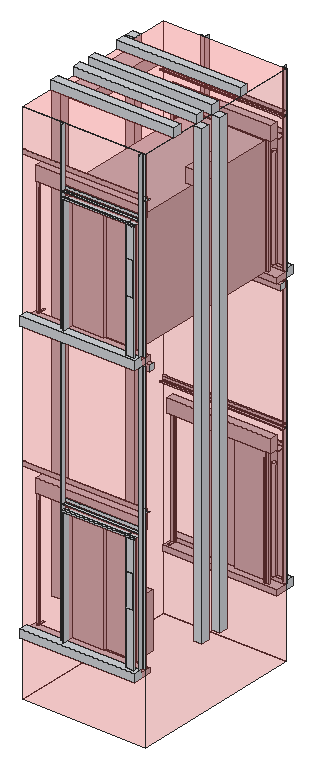
Revit family "TSF750-2S-2方向", category 一般モデル, Revit 2018
Family settings
  鉄筋をホスト可能 = いいえ
  丸型コネクタ寸法 = 直径を使用
  パーツ タイプ = 標準
  作業面ベース = いいえ
  常に垂直 = はい
  ロード時にボイドで切り取り = いいえ
  共有 = いいえ
  部屋計算ポイント = いいえ
Parameters
  昇降行程 = 5000 mm
Reference planes
  plane 1 "レール芯": y = 0
  plane 2 "最下階FL": z = 0
  plane 3 "かご芯": x = 0
  plane 4: z = 5000
  plane 5 "ピット底面": z = -1250
  plane 6: z = 8250
  plane 7: z = 2500
Forms (mm)
  Extrusion 1, solid
    sketch origin (-115, 140, 0) x (1, 0, 0) y (0, 1, 0)
      loop
        line (-1170, 1665) -> (-1170, -1485) -> (1030, -1485) -> (1030, 1665) -> (-1170, 1665)
    from -1250 to 8250
  Extrusion 2, solid
    sketch origin (-188.849, -187.656, 5000) x (1, 0, 0) y (0, 1, 0)
      loop
        line (-491.151, 1792.656) -> (-491.151, -917.344) -> (868.849, -917.344) -> (868.849, 1792.656) -> (-491.151, 1792.656)
    from 0 to 2100
  Extrusion 3, solid
    sketch origin (0.884, -1, 0) x (1, 0, 0) y (0, 1, 0)
      loop
        line (-1050.884, 890.997) -> (-1050.884, 260.997) -> (-753.884, 260.997) -> (-753.884, 890.997) -> (-1050.884, 890.997)
    from -1250 to -272.5
  Extrusion 4, solid
    sketch origin (-180.164, -13.256, 0) x (1, 0, 0) y (0, 1, 0)
      loop
        line (1095.164, 288.256) -> (1095.164, 138.256) -> (1245.164, 138.256) -> (1245.164, 288.256) -> (1095.164, 288.256)
    from 0 to 8250
  Extrusion 5, solid
    sketch origin (-180.164, -413.256, 0) x (1, 0, 0) y (0, 1, 0)
      loop
        line (1095.164, 288.256) -> (1095.164, 138.256) -> (1245.164, 138.256) -> (1245.164, 288.256) -> (1095.164, 288.256)
    from 0 to 8250
  Extrusion 6, solid
    sketch origin (593.997, 818.69, 0) x (1, 0, 0) y (0, 1, 0)
      loop
        line (-2028.997, 481.31) -> (-2028.997, 331.31) -> (-1878.997, 331.31) -> (-1878.997, 481.31) -> (-2028.997, 481.31)
    from 0 to 8250
  Extrusion 7, solid
    sketch origin (593.997, -831.31, 0) x (1, 0, 0) y (0, 1, 0)
      loop
        line (-2028.997, 481.31) -> (-2028.997, 331.31) -> (-1878.997, 331.31) -> (-1878.997, 481.31) -> (-2028.997, 481.31)
    from 0 to 8250
  Extrusion 8, solid
    sketch origin (846.148, -529, 7950) x (1, 0, 0) y (0, 1, 0)
      loop
        line (-2111.148, 1758) -> (-2111.148, 200) -> (-1738.648, 200) -> (-1738.648, 1758) -> (-2111.148, 1758)
    from 0 to 200
  Extrusion 9, solid
    sketch origin (-694.764, 1375.017, 7235) x (1, 0, 0) y (0, 1, 0)
      loop
        line (1413.764, -985.017) -> (1413.764, -1575.017) -> (1593.764, -1575.017) -> (1593.764, -985.017) -> (1413.764, -985.017)
    from 0 to 250
  Extrusion 10, solid
    sketch origin (0, -154.792, -183.066) x (0, 1, 0) y (0, 0, 1)
      loop
        line (279.792, 8583.066) -> (279.792, 8433.066) -> (429.792, 8433.066) -> (429.792, 8583.066) -> (279.792, 8583.066)
    from -1285 to 915
  Extrusion 11, solid
    sketch origin (0, -494.792, -183.066) x (0, 1, 0) y (0, 0, 1)
      loop
        line (279.792, 8583.066) -> (279.792, 8433.066) -> (429.792, 8433.066) -> (429.792, 8583.066) -> (279.792, 8583.066)
    from -1285 to 915
  Extrusion 12, solid
    sketch origin (0, -994.792, -183.066) x (0, 1, 0) y (0, 0, 1)
      loop
        line (279.792, 8583.066) -> (279.792, 8433.066) -> (429.792, 8433.066) -> (429.792, 8583.066) -> (279.792, 8583.066)
    from -1285 to 915
  Extrusion 13, solid
    sketch origin (0, 485.208, -183.066) x (0, 1, 0) y (0, 0, 1)
      loop
        line (279.792, 8583.066) -> (279.792, 8433.066) -> (429.792, 8433.066) -> (429.792, 8583.066) -> (279.792, 8583.066)
    from -1285 to 915
  Extrusion 14, solid
    sketch origin (0, -487.235, 116.596) x (0, 1, 0) y (0, 0, 1)
      loop
        line (-777.765, 4733.404) -> (-777.765, 4633.404) -> (-677.765, 4633.404) -> (-677.765, 4733.404) -> (-777.765, 4733.404)
    from -1285 to 915
  Extrusion 15, solid
    sketch origin (122.648, -167.415, 0) x (-1, 0, 0) y (0, -1, 0)
      loop
        line (-717.352, 1171.585) -> (-717.352, 1246.585) -> (-719.352, 1246.585)
        arc (-719.352, 1246.585) -> (-722.181, 1245.414) -> (-723.352, 1242.585) r 4
        line (-723.352, 1242.585) -> (-723.352, 1186.085)
        arc (-723.352, 1186.085) -> (-725.842, 1180.075) -> (-731.852, 1177.585) r 8.5
        line (-731.852, 1177.585) -> (-788.352, 1177.585)
        arc (-788.352, 1177.585) -> (-791.181, 1176.414) -> (-792.352, 1173.585) r 4
        line (-792.352, 1173.585) -> (-792.352, 1171.585) -> (-717.352, 1171.585)
    from 0 to 4850
  Extrusion 16, solid
    sketch origin (177.352, -167.415, 0) x (1, 0, 0) y (0, 1, 0)
      loop
        line (-717.352, -1171.585) -> (-792.352, -1171.585) -> (-792.352, -1173.585)
        arc (-792.352, -1173.585) -> (-791.181, -1176.414) -> (-788.352, -1177.585) r 4
        line (-788.352, -1177.585) -> (-731.852, -1177.585)
        arc (-731.852, -1177.585) -> (-725.842, -1180.075) -> (-723.352, -1186.085) r 8.5
        line (-723.352, -1186.085) -> (-723.352, -1242.585)
        arc (-723.352, -1242.585) -> (-722.181, -1245.414) -> (-719.352, -1246.585) r 4
        line (-719.352, -1246.585) -> (-717.352, -1246.585) -> (-717.352, -1171.585)
    from 0 to 4850
  Extrusion 17, solid
    sketch origin (122.648, -167.415, 5000) x (-1, 0, 0) y (0, -1, 0)
      loop
        line (-717.352, 1171.585) -> (-717.352, 1246.585) -> (-719.352, 1246.585)
        arc (-719.352, 1246.585) -> (-722.181, 1245.414) -> (-723.352, 1242.585) r 4
        line (-723.352, 1242.585) -> (-723.352, 1186.085)
        arc (-723.352, 1186.085) -> (-725.842, 1180.075) -> (-731.852, 1177.585) r 8.5
        line (-731.852, 1177.585) -> (-788.352, 1177.585)
        arc (-788.352, 1177.585) -> (-791.181, 1176.414) -> (-792.352, 1173.585) r 4
        line (-792.352, 1173.585) -> (-792.352, 1171.585) -> (-717.352, 1171.585)
    from 0 to 3250
  Extrusion 18, solid
    sketch origin (177.352, -167.415, 5000) x (1, 0, 0) y (0, 1, 0)
      loop
        line (-717.352, -1171.585) -> (-792.352, -1171.585) -> (-792.352, -1173.585)
        arc (-792.352, -1173.585) -> (-791.181, -1176.414) -> (-788.352, -1177.585) r 4
        line (-788.352, -1177.585) -> (-731.852, -1177.585)
        arc (-731.852, -1177.585) -> (-725.842, -1180.075) -> (-723.352, -1186.085) r 8.5
        line (-723.352, -1186.085) -> (-723.352, -1242.585)
        arc (-723.352, -1242.585) -> (-722.181, -1245.414) -> (-719.352, -1246.585) r 4
        line (-719.352, -1246.585) -> (-717.352, -1246.585) -> (-717.352, -1171.585)
    from 0 to 3250
  Extrusion 19, solid
    sketch origin (0, -3511.272, 935.614) x (0, 0, -1) y (0, 1, 0)
      loop
        line (-1244.386, 2172.272) -> (-1319.386, 2172.272) -> (-1319.386, 2170.272)
        arc (-1319.386, 2170.272) -> (-1318.214, 2167.444) -> (-1315.386, 2166.272) r 4
        line (-1315.386, 2166.272) -> (-1258.886, 2166.272)
        arc (-1258.886, 2166.272) -> (-1252.875, 2163.782) -> (-1250.386, 2157.772) r 8.5
        line (-1250.386, 2157.772) -> (-1250.386, 2101.272)
        arc (-1250.386, 2101.272) -> (-1249.214, 2098.444) -> (-1246.386, 2097.272) r 4
        line (-1246.386, 2097.272) -> (-1244.386, 2097.272) -> (-1244.386, 2172.272)
    from -540 to 840
  Extrusion 20, solid
    sketch origin (0, -3511.272, 5935.614) x (0, 0, -1) y (0, 1, 0)
      loop
        line (-1244.386, 2172.272) -> (-1319.386, 2172.272) -> (-1319.386, 2170.272)
        arc (-1319.386, 2170.272) -> (-1318.214, 2167.444) -> (-1315.386, 2166.272) r 4
        line (-1315.386, 2166.272) -> (-1258.886, 2166.272)
        arc (-1258.886, 2166.272) -> (-1252.875, 2163.782) -> (-1250.386, 2157.772) r 8.5
        line (-1250.386, 2157.772) -> (-1250.386, 2101.272)
        arc (-1250.386, 2101.272) -> (-1249.214, 2098.444) -> (-1246.386, 2097.272) r 4
        line (-1246.386, 2097.272) -> (-1244.386, 2097.272) -> (-1244.386, 2172.272)
    from -540 to 840
  Extrusion 21, solid
    sketch origin (0, 833.272, 6255.614) x (0, 0, -1) y (0, 1, 0)
      loop
        line (-1244.386, -2172.272) -> (-1244.386, -2097.272) -> (-1246.386, -2097.272)
        arc (-1246.386, -2097.272) -> (-1249.214, -2098.444) -> (-1250.386, -2101.272) r 4
        line (-1250.386, -2101.272) -> (-1250.386, -2157.772)
        arc (-1250.386, -2157.772) -> (-1252.875, -2163.782) -> (-1258.886, -2166.272) r 8.5
        line (-1258.886, -2166.272) -> (-1315.386, -2166.272)
        arc (-1315.386, -2166.272) -> (-1318.214, -2167.444) -> (-1319.386, -2170.272) r 4
        line (-1319.386, -2170.272) -> (-1319.386, -2172.272) -> (-1244.386, -2172.272)
    from -1285 to 915
  Extrusion 22, solid
    sketch origin (0, 833.272, 1255.614) x (0, 0, -1) y (0, 1, 0)
      loop
        line (-1244.386, -2172.272) -> (-1244.386, -2097.272) -> (-1246.386, -2097.272)
        arc (-1246.386, -2097.272) -> (-1249.214, -2098.444) -> (-1250.386, -2101.272) r 4
        line (-1250.386, -2101.272) -> (-1250.386, -2157.772)
        arc (-1250.386, -2157.772) -> (-1252.875, -2163.782) -> (-1258.886, -2166.272) r 8.5
        line (-1258.886, -2166.272) -> (-1315.386, -2166.272)
        arc (-1315.386, -2166.272) -> (-1318.214, -2167.444) -> (-1319.386, -2170.272) r 4
        line (-1319.386, -2170.272) -> (-1319.386, -2172.272) -> (-1244.386, -2172.272)
    from -1285 to 915
  Extrusion 23, solid
    sketch origin (0, 3971.272, 935.614) x (0, 0, -1) y (0, 1, 0)
      loop
        line (-1244.386, -2172.272) -> (-1244.386, -2097.272) -> (-1246.386, -2097.272)
        arc (-1246.386, -2097.272) -> (-1249.214, -2098.444) -> (-1250.386, -2101.272) r 4
        line (-1250.386, -2101.272) -> (-1250.386, -2157.772)
        arc (-1250.386, -2157.772) -> (-1252.875, -2163.782) -> (-1258.886, -2166.272) r 8.5
        line (-1258.886, -2166.272) -> (-1315.386, -2166.272)
        arc (-1315.386, -2166.272) -> (-1318.214, -2167.444) -> (-1319.386, -2170.272) r 4
        line (-1319.386, -2170.272) -> (-1319.386, -2172.272) -> (-1244.386, -2172.272)
    from -540 to 840
  Extrusion 24, solid
    sketch origin (0, -373.272, 1255.614) x (0, 0, -1) y (0, 1, 0)
      loop
        line (-1244.386, 2172.272) -> (-1319.386, 2172.272) -> (-1319.386, 2170.272)
        arc (-1319.386, 2170.272) -> (-1318.214, 2167.444) -> (-1315.386, 2166.272) r 4
        line (-1315.386, 2166.272) -> (-1258.886, 2166.272)
        arc (-1258.886, 2166.272) -> (-1252.875, 2163.782) -> (-1250.386, 2157.772) r 8.5
        line (-1250.386, 2157.772) -> (-1250.386, 2101.272)
        arc (-1250.386, 2101.272) -> (-1249.214, 2098.444) -> (-1246.386, 2097.272) r 4
        line (-1246.386, 2097.272) -> (-1244.386, 2097.272) -> (-1244.386, 2172.272)
    from -1285 to 915
  Extrusion 25, solid
    sketch origin (122.648, 627.415, 0) x (-1, 0, 0) y (0, -1, 0)
      loop
        line (-717.352, -1171.585) -> (-792.352, -1171.585) -> (-792.352, -1173.585)
        arc (-792.352, -1173.585) -> (-791.181, -1176.414) -> (-788.352, -1177.585) r 4
        line (-788.352, -1177.585) -> (-731.852, -1177.585)
        arc (-731.852, -1177.585) -> (-725.842, -1180.075) -> (-723.352, -1186.085) r 8.5
        line (-723.352, -1186.085) -> (-723.352, -1242.585)
        arc (-723.352, -1242.585) -> (-722.181, -1245.414) -> (-719.352, -1246.585) r 4
        line (-719.352, -1246.585) -> (-717.352, -1246.585) -> (-717.352, -1171.585)
    from 0 to 4850
  Extrusion 26, solid
    sketch origin (177.352, 627.415, 0) x (1, 0, 0) y (0, 1, 0)
      loop
        line (-717.352, 1171.585) -> (-717.352, 1246.585) -> (-719.352, 1246.585)
        arc (-719.352, 1246.585) -> (-722.181, 1245.414) -> (-723.352, 1242.585) r 4
        line (-723.352, 1242.585) -> (-723.352, 1186.085)
        arc (-723.352, 1186.085) -> (-725.842, 1180.075) -> (-731.852, 1177.585) r 8.5
        line (-731.852, 1177.585) -> (-788.352, 1177.585)
        arc (-788.352, 1177.585) -> (-791.181, 1176.414) -> (-792.352, 1173.585) r 4
        line (-792.352, 1173.585) -> (-792.352, 1171.585) -> (-717.352, 1171.585)
    from 0 to 4850
  Extrusion 27, solid
    sketch origin (0, 987.235, 116.596) x (0, -1, 0) y (0, 0, -1)
      loop
        line (-777.765, -4733.404) -> (-677.765, -4733.404) -> (-677.765, -4633.404) -> (-777.765, -4633.404) -> (-777.765, -4733.404)
    from -1285 to 915
  Extrusion 28, solid
    sketch origin (0, 3971.272, 5935.614) x (0, 0, -1) y (0, 1, 0)
      loop
        line (-1244.386, -2172.272) -> (-1244.386, -2097.272) -> (-1246.386, -2097.272)
        arc (-1246.386, -2097.272) -> (-1249.214, -2098.444) -> (-1250.386, -2101.272) r 4
        line (-1250.386, -2101.272) -> (-1250.386, -2157.772)
        arc (-1250.386, -2157.772) -> (-1252.875, -2163.782) -> (-1258.886, -2166.272) r 8.5
        line (-1258.886, -2166.272) -> (-1315.386, -2166.272)
        arc (-1315.386, -2166.272) -> (-1318.214, -2167.444) -> (-1319.386, -2170.272) r 4
        line (-1319.386, -2170.272) -> (-1319.386, -2172.272) -> (-1244.386, -2172.272)
    from -540 to 840
  Extrusion 29, solid
    sketch origin (0, -373.272, 6255.614) x (0, 0, -1) y (0, 1, 0)
      loop
        line (-1244.386, 2172.272) -> (-1319.386, 2172.272) -> (-1319.386, 2170.272)
        arc (-1319.386, 2170.272) -> (-1318.214, 2167.444) -> (-1315.386, 2166.272) r 4
        line (-1315.386, 2166.272) -> (-1258.886, 2166.272)
        arc (-1258.886, 2166.272) -> (-1252.875, 2163.782) -> (-1250.386, 2157.772) r 8.5
        line (-1250.386, 2157.772) -> (-1250.386, 2101.272)
        arc (-1250.386, 2101.272) -> (-1249.214, 2098.444) -> (-1246.386, 2097.272) r 4
        line (-1246.386, 2097.272) -> (-1244.386, 2097.272) -> (-1244.386, 2172.272)
    from -1285 to 915
  Extrusion 30, solid
    sketch origin (122.648, 627.415, 5000) x (-1, 0, 0) y (0, -1, 0)
      loop
        line (-717.352, -1171.585) -> (-792.352, -1171.585) -> (-792.352, -1173.585)
        arc (-792.352, -1173.585) -> (-791.181, -1176.414) -> (-788.352, -1177.585) r 4
        line (-788.352, -1177.585) -> (-731.852, -1177.585)
        arc (-731.852, -1177.585) -> (-725.842, -1180.075) -> (-723.352, -1186.085) r 8.5
        line (-723.352, -1186.085) -> (-723.352, -1242.585)
        arc (-723.352, -1242.585) -> (-722.181, -1245.414) -> (-719.352, -1246.585) r 4
        line (-719.352, -1246.585) -> (-717.352, -1246.585) -> (-717.352, -1171.585)
    from 0 to 3250
  Extrusion 31, solid
    sketch origin (177.352, 627.415, 5000) x (1, 0, 0) y (0, 1, 0)
      loop
        line (-717.352, 1171.585) -> (-717.352, 1246.585) -> (-719.352, 1246.585)
        arc (-719.352, 1246.585) -> (-722.181, 1245.414) -> (-723.352, 1242.585) r 4
        line (-723.352, 1242.585) -> (-723.352, 1186.085)
        arc (-723.352, 1186.085) -> (-725.842, 1180.075) -> (-731.852, 1177.585) r 8.5
        line (-731.852, 1177.585) -> (-788.352, 1177.585)
        arc (-788.352, 1177.585) -> (-791.181, 1176.414) -> (-792.352, 1173.585) r 4
        line (-792.352, 1173.585) -> (-792.352, 1171.585) -> (-717.352, 1171.585)
    from 0 to 3250
Dimensions and locks
  "昇降行程": plane 4 to plane 2 "最下階FL"
  locked: plane 6 to plane 4 at 3250
  locked: Extrusion 2 to plane 4 at 2100
  locked: plane 6 to Extrusion 8 at 100
  locked: Extrusion 8 to Extrusion 8 at 200
  locked: plane 4 to Extrusion 20 at 2180
  locked: Extrusion 20 to Extrusion 21 at 320
  locked: Extrusion 2 to Extrusion 9 at 135
  locked: Extrusion 9 to Extrusion 9 at 250
  locked: plane 2 "最下階FL" to Extrusion 19 at 2180
  locked: plane 4 to Extrusion 15 at 150
  aligned and locked: level to plane 2 "最下階FL"
  aligned and locked: Extrusion 1 to plane 5 "ピット底面"
  aligned and locked: Extrusion 2 to plane 4
  aligned and locked: Extrusion 1 to Extrusion 3
  aligned and locked: Extrusion 5 to plane 2 "最下階FL"
  aligned and locked: Extrusion 4 to plane 2 "最下階FL"
  aligned and locked: Extrusion 1 to Extrusion 5
  aligned and locked: Extrusion 1 to Extrusion 4
  aligned and locked: Extrusion 6 to Extrusion 1
  aligned and locked: Extrusion 7 to Extrusion 1
  aligned and locked: Extrusion 4 to Extrusion 1
  aligned and locked: Extrusion 5 to Extrusion 1
  aligned and locked: Extrusion 6 to plane 2 "最下階FL"
  aligned and locked: Extrusion 7 to plane 2 "最下階FL"
  aligned and locked: Extrusion 1 to Extrusion 6
  aligned and locked: Extrusion 1 to Extrusion 7
  aligned and locked: plane 2 "最下階FL" to nested 1
  aligned and locked: plane 4 to nested 2
  aligned and locked: nested 1 to nested 2
  aligned and locked: Extrusion 10 to Extrusion 1
  aligned and locked: Extrusion 1 to Extrusion 10  (x2)
  aligned and locked: Extrusion 1 to Extrusion 12  (x2)
  aligned and locked: Extrusion 1 to Extrusion 13  (x2)
  aligned and locked: Extrusion 12 to Extrusion 1
  aligned and locked: Extrusion 11 to Extrusion 1
  aligned and locked: Extrusion 13 to Extrusion 1
  aligned and locked: Extrusion 1 to Extrusion 14  (x2)
  aligned and locked: Extrusion 1 to Extrusion 15
  aligned and locked: Extrusion 1 to Extrusion 11  (x2)
  aligned and locked: Extrusion 17 to Extrusion 18
  aligned and locked: Extrusion 18 to plane 4
  aligned and locked: Extrusion 17 to plane 4
  aligned and locked: plane 6 to Extrusion 1
  aligned and locked: plane 6 to Extrusion 17
  aligned and locked: plane 6 to Extrusion 18
  aligned and locked: Extrusion 16 to Extrusion 15
  aligned and locked: Extrusion 26 to Extrusion 25
  aligned and locked: nested 4 to plane 4
  aligned and locked: Extrusion 30 to Extrusion 31
  aligned and locked: Extrusion 30 to plane 4
  aligned and locked: Extrusion 31 to plane 4
  aligned and locked: plane 6 to Extrusion 30
  aligned and locked: plane 6 to Extrusion 31
  aligned and locked: Extrusion 25 to Extrusion 15
Automatic sketch dimensions
  Extrusion 1 sketch curve to plane 3 "かご芯" = 1285 mm
  plane 3 "かご芯" to Extrusion 1 sketch curve = 915 mm
  plane 1 "レール芯" to Extrusion 1 sketch curve = 1345 mm
  Extrusion 1 sketch curve to plane 1 "レール芯" = 1805 mm
  Extrusion 2 sketch curve to plane 3 "かご芯" = 680 mm
  plane 3 "かご芯" to Extrusion 2 sketch curve = 680 mm
  plane 1 "レール芯" to Extrusion 2 sketch curve = 1105 mm
  Extrusion 2 sketch curve to plane 1 "レール芯" = 1605 mm
  Extrusion 3 sketch curve to plane 1 "レール芯" = 259.997 mm
  Extrusion 3 sketch curve to plane 3 "かご芯" = 1050 mm
  Extrusion 3 sketch curve to Extrusion 3 sketch curve = 297 mm
  Extrusion 3 sketch curve to Extrusion 3 sketch curve = 630 mm
  Extrusion 4 sketch curve to plane 1 "レール芯" = 125 mm
  plane 3 "かご芯" to Extrusion 4 sketch curve = 915 mm
  Extrusion 4 sketch curve to Extrusion 4 sketch curve = 150 mm  (x2)
  plane 1 "レール芯" to Extrusion 5 sketch curve = 275 mm
  plane 3 "かご芯" to Extrusion 5 sketch curve = 915 mm
  Extrusion 5 sketch curve to Extrusion 5 sketch curve = 150 mm
  plane 1 "レール芯" to Extrusion 5 sketch curve = 125 mm
  Extrusion 6 sketch curve to plane 3 "かご芯" = 1435 mm
  Extrusion 6 sketch curve to Extrusion 6 sketch curve = 150 mm  (x2)
  Extrusion 6 sketch curve to plane 1 "レール芯" = 1150 mm
  plane 1 "レール芯" to Extrusion 7 sketch curve = 500 mm
  Extrusion 7 sketch curve to plane 3 "かご芯" = 1435 mm
  Extrusion 7 sketch curve to Extrusion 7 sketch curve = 150 mm  (x2)
  plane 1 "レール芯" to Extrusion 8 sketch curve = 329 mm
  Extrusion 8 sketch curve to plane 3 "かご芯" = 1265 mm
  Extrusion 8 sketch curve to Extrusion 8 sketch curve = 372.5 mm
  Extrusion 8 sketch curve to plane 1 "レール芯" = 1229 mm
  plane 1 "レール芯" to Extrusion 9 sketch curve = 200 mm
  plane 3 "かご芯" to Extrusion 9 sketch curve = 719 mm
  Extrusion 9 sketch curve to Extrusion 9 sketch curve = 180 mm
  Extrusion 9 sketch curve to plane 1 "レール芯" = 390 mm
  Extrusion 10 sketch curve to plane 6 = 0 mm
  Extrusion 10 sketch curve to plane 1 "レール芯" = 125 mm
  Extrusion 10 sketch curve to Extrusion 10 sketch curve = 150 mm  (x2)
  Extrusion 11 sketch curve to plane 6 = 0 mm
  plane 1 "レール芯" to Extrusion 11 sketch curve = 215 mm
  plane 1 "レール芯" to Extrusion 11 sketch curve = 65 mm
  Extrusion 11 sketch curve to Extrusion 11 sketch curve = 150 mm
  Extrusion 12 sketch curve to plane 6 = 0 mm
  plane 1 "レール芯" to Extrusion 12 sketch curve = 715 mm
  Extrusion 12 sketch curve to Extrusion 12 sketch curve = 150 mm  (x2)
  Extrusion 13 sketch curve to plane 6 = 0 mm
  Extrusion 13 sketch curve to plane 1 "レール芯" = 765 mm
  Extrusion 13 sketch curve to Extrusion 13 sketch curve = 150 mm  (x2)
  Extrusion 14 sketch curve to plane 4 = 250 mm
  plane 1 "レール芯" to Extrusion 14 sketch curve = 1265 mm
  Extrusion 14 sketch curve to Extrusion 14 sketch curve = 100 mm  (x2)
  Extrusion 15 sketch curve to plane 3 "かご芯" = 915 mm
  Extrusion 15 sketch curve to Extrusion 15 sketch curve = 4 mm  (x2)
  Extrusion 15 sketch curve to Extrusion 15 sketch curve = 56.5 mm  (x2)
  Extrusion 15 sketch curve to Extrusion 15 sketch curve = 8.5 mm
  Extrusion 15 sketch curve to Extrusion 15 sketch curve = 2 mm
  Extrusion 15 sketch curve to plane 1 "レール芯" = 1414 mm
  Extrusion 15 sketch curve to Extrusion 15 sketch curve = 6 mm
  Extrusion 16 sketch curve to plane 3 "かご芯" = 615 mm
  Extrusion 16 sketch curve to Extrusion 16 sketch curve = 4 mm  (x2)
  Extrusion 16 sketch curve to Extrusion 16 sketch curve = 56.5 mm  (x2)
  Extrusion 16 sketch curve to Extrusion 16 sketch curve = 8.5 mm
  Extrusion 16 sketch curve to Extrusion 16 sketch curve = 2 mm
  plane 1 "レール芯" to Extrusion 16 sketch curve = 1414 mm
  Extrusion 16 sketch curve to Extrusion 16 sketch curve = 6 mm
  Extrusion 17 sketch curve to plane 3 "かご芯" = 915 mm
  Extrusion 17 sketch curve to Extrusion 17 sketch curve = 4 mm  (x2)
  Extrusion 17 sketch curve to Extrusion 17 sketch curve = 56.5 mm  (x2)
  Extrusion 17 sketch curve to Extrusion 17 sketch curve = 8.5 mm
  Extrusion 17 sketch curve to Extrusion 17 sketch curve = 2 mm
  Extrusion 17 sketch curve to plane 1 "レール芯" = 1414 mm
  Extrusion 17 sketch curve to Extrusion 17 sketch curve = 6 mm
  Extrusion 18 sketch curve to plane 3 "かご芯" = 615 mm
  Extrusion 18 sketch curve to Extrusion 18 sketch curve = 4 mm  (x2)
  Extrusion 18 sketch curve to Extrusion 18 sketch curve = 56.5 mm  (x2)
  Extrusion 18 sketch curve to Extrusion 18 sketch curve = 8.5 mm
  Extrusion 18 sketch curve to Extrusion 18 sketch curve = 2 mm
  plane 1 "レール芯" to Extrusion 18 sketch curve = 1414 mm
  Extrusion 18 sketch curve to Extrusion 18 sketch curve = 6 mm
  plane 7 to Extrusion 19 sketch curve = 245 mm
  Extrusion 19 sketch curve to Extrusion 19 sketch curve = 4 mm  (x2)
  Extrusion 19 sketch curve to Extrusion 19 sketch curve = 56.5 mm  (x2)
  Extrusion 19 sketch curve to Extrusion 19 sketch curve = 8.5 mm
  Extrusion 19 sketch curve to Extrusion 19 sketch curve = 2 mm
  plane 1 "レール芯" to Extrusion 19 sketch curve = 1414 mm
  Extrusion 19 sketch curve to Extrusion 19 sketch curve = 6 mm
  Extrusion 20 sketch curve to plane 6 = 995 mm
  Extrusion 20 sketch curve to Extrusion 20 sketch curve = 4 mm  (x2)
  Extrusion 20 sketch curve to Extrusion 20 sketch curve = 56.5 mm  (x2)
  Extrusion 20 sketch curve to Extrusion 20 sketch curve = 8.5 mm
  Extrusion 20 sketch curve to Extrusion 20 sketch curve = 2 mm
  plane 1 "レール芯" to Extrusion 20 sketch curve = 1414 mm
  Extrusion 20 sketch curve to Extrusion 20 sketch curve = 14.5 mm
  plane 6 to Extrusion 21 sketch curve = 675 mm
  Extrusion 21 sketch curve to Extrusion 21 sketch curve = 4 mm  (x2)
  Extrusion 21 sketch curve to Extrusion 21 sketch curve = 56.5 mm  (x2)
  Extrusion 21 sketch curve to Extrusion 21 sketch curve = 8.5 mm
  Extrusion 21 sketch curve to Extrusion 21 sketch curve = 2 mm
  Extrusion 21 sketch curve to plane 1 "レール芯" = 1264 mm
  Extrusion 21 sketch curve to Extrusion 21 sketch curve = 6 mm
  Extrusion 22 sketch curve to plane 7 = 0 mm
  Extrusion 22 sketch curve to Extrusion 22 sketch curve = 2 mm
  Extrusion 22 sketch curve to Extrusion 22 sketch curve = 4 mm  (x2)
  Extrusion 22 sketch curve to Extrusion 22 sketch curve = 8.5 mm
  Extrusion 22 sketch curve to Extrusion 22 sketch curve = 56.5 mm  (x2)
  Extrusion 22 sketch curve to plane 1 "レール芯" = 1264 mm
  Extrusion 22 sketch curve to Extrusion 22 sketch curve = 6 mm
  Extrusion 23 sketch curve to plane 7 = 245 mm
  Extrusion 23 sketch curve to Extrusion 23 sketch curve = 4 mm  (x2)
  Extrusion 23 sketch curve to Extrusion 23 sketch curve = 56.5 mm  (x2)
  Extrusion 23 sketch curve to Extrusion 23 sketch curve = 8.5 mm
  Extrusion 23 sketch curve to Extrusion 23 sketch curve = 2 mm
  plane 1 "レール芯" to Extrusion 23 sketch curve = 1874 mm
  Extrusion 23 sketch curve to Extrusion 23 sketch curve = 6 mm
  plane 7 to Extrusion 24 sketch curve = 0 mm
  Extrusion 24 sketch curve to Extrusion 24 sketch curve = 2 mm
  Extrusion 24 sketch curve to Extrusion 24 sketch curve = 4 mm  (x2)
  Extrusion 24 sketch curve to Extrusion 24 sketch curve = 8.5 mm
  Extrusion 24 sketch curve to Extrusion 24 sketch curve = 56.5 mm  (x2)
  Extrusion 24 sketch curve to plane 1 "レール芯" = 1724 mm
  Extrusion 24 sketch curve to Extrusion 24 sketch curve = 6 mm
  plane 3 "かご芯" to Extrusion 25 sketch curve = 915 mm
  Extrusion 25 sketch curve to Extrusion 25 sketch curve = 4 mm  (x2)
  Extrusion 25 sketch curve to Extrusion 25 sketch curve = 56.5 mm  (x2)
  Extrusion 25 sketch curve to Extrusion 25 sketch curve = 8.5 mm
  Extrusion 25 sketch curve to Extrusion 25 sketch curve = 2 mm
  Extrusion 25 sketch curve to plane 1 "レール芯" = 1874 mm
  Extrusion 25 sketch curve to Extrusion 25 sketch curve = 6 mm
  Extrusion 26 sketch curve to plane 3 "かご芯" = 615 mm
  Extrusion 26 sketch curve to Extrusion 26 sketch curve = 4 mm  (x2)
  Extrusion 26 sketch curve to Extrusion 26 sketch curve = 56.5 mm  (x2)
  Extrusion 26 sketch curve to Extrusion 26 sketch curve = 8.5 mm
  Extrusion 26 sketch curve to Extrusion 26 sketch curve = 2 mm  (x2)
  Extrusion 26 sketch curve to plane 1 "レール芯" = 1799 mm
  plane 4 to Extrusion 27 sketch curve = 250 mm
  plane 1 "レール芯" to Extrusion 27 sketch curve = 1765 mm
  Extrusion 27 sketch curve to Extrusion 27 sketch curve = 100 mm  (x2)
  plane 6 to Extrusion 28 sketch curve = 995 mm
  Extrusion 28 sketch curve to Extrusion 28 sketch curve = 4 mm  (x2)
  Extrusion 28 sketch curve to Extrusion 28 sketch curve = 56.5 mm  (x2)
  Extrusion 28 sketch curve to Extrusion 28 sketch curve = 8.5 mm
  Extrusion 28 sketch curve to Extrusion 28 sketch curve = 2 mm
  plane 1 "レール芯" to Extrusion 28 sketch curve = 1874 mm
  Extrusion 28 sketch curve to Extrusion 28 sketch curve = 14.5 mm
  Extrusion 29 sketch curve to plane 6 = 675 mm
  Extrusion 29 sketch curve to Extrusion 29 sketch curve = 4 mm  (x2)
  Extrusion 29 sketch curve to Extrusion 29 sketch curve = 56.5 mm  (x2)
  Extrusion 29 sketch curve to Extrusion 29 sketch curve = 8.5 mm
  Extrusion 29 sketch curve to Extrusion 29 sketch curve = 2 mm
  Extrusion 29 sketch curve to plane 1 "レール芯" = 1724 mm
  Extrusion 29 sketch curve to Extrusion 29 sketch curve = 6 mm
  plane 3 "かご芯" to Extrusion 30 sketch curve = 915 mm
  Extrusion 30 sketch curve to Extrusion 30 sketch curve = 4 mm  (x2)
  Extrusion 30 sketch curve to Extrusion 30 sketch curve = 56.5 mm  (x2)
  Extrusion 30 sketch curve to Extrusion 30 sketch curve = 8.5 mm
  Extrusion 30 sketch curve to Extrusion 30 sketch curve = 2 mm
  Extrusion 30 sketch curve to plane 1 "レール芯" = 1874 mm
  Extrusion 30 sketch curve to Extrusion 30 sketch curve = 6 mm
  Extrusion 31 sketch curve to plane 3 "かご芯" = 615 mm
  Extrusion 31 sketch curve to Extrusion 31 sketch curve = 4 mm  (x2)
  Extrusion 31 sketch curve to Extrusion 31 sketch curve = 56.5 mm  (x2)
  Extrusion 31 sketch curve to Extrusion 31 sketch curve = 8.5 mm
  Extrusion 31 sketch curve to Extrusion 31 sketch curve = 2 mm  (x2)
  Extrusion 31 sketch curve to plane 1 "レール芯" = 1799 mm
Nested families
  nested 1: "2S" at (-50, -1135, 0), type "2S(詳細レベル)"
  nested 2: "2S" at (-50, -1135, 5000), type "2S(詳細レベル)"
  nested 3: "2S(背面)" at (-50, 1635, 0), type "2S 背面(詳細レベル)"
    with 戸袋 635 mm, 出入口幅 1100 mm
  nested 4: "2S(背面)" at (-50, 1635, 5000), type "2S 背面(詳細レベル)"
    with 戸袋 635 mm, 出入口幅 1100 mm
Definition of nested family "2S"
  Parameters (values of type "2S(詳細レベル)")
    戸袋 = 635 mm
    出入口高さ = 2100 mm
    出入口幅 = 1100 mm
  Types (2, lengths in mm): name | 戸袋 | 出入口幅
    2S(詳細レベル) | 635 | 1100
    2S 背面(詳細レベル) | 785 | 1700
  Reference planes
    plane 1 "敷居先端": y = 0
    plane 2 "FL": z = 0
    plane 3: x = 140
    plane 4 "出入口中心": x = 140
    plane 5 "出入口高さ": z = 2100
    plane 6: z = 2320
    plane 7: y = -145.5
    plane 8 "出入口幅右": x = 690
    plane 9 "出入口幅左": x = -410
    plane 10 "戸袋": x = -1045
    plane 11: x = 810
    plane 12: y = -76.6
    plane 13: z = 2173
    plane 14: z = -60
    plane 15: z = -150
    plane 16: x = 710
    plane 17: x = -490
    plane 18: x = 890
  Forms (mm)
    Extrusion 1, solid
      sketch origin (140, 0, 0) x (0, 1, 0) y (0, 0, 1)
        loop
          line (-102, 2116) -> (-134, 2116) -> (-134, 6) -> (-102, 6) -> (-102, 2116)
      from -570 to 15
    Extrusion 2, solid
      sketch origin (705, 38, 0) x (0, 1, 0) y (0, 0, 1)
        loop
          line (-102, 2116) -> (-134, 2116) -> (-134, 6) -> (-102, 6) -> (-102, 2116)
      from -580 to 5
    Extrusion 3, solid
      sketch origin (140, 0, -16) x (0, 1, 0) y (0, 0, 1)
        loop
          line (-145.5, 2366) -> (-145.5, 2116) -> (0, 2116) -> (0, 2366) -> (-145.5, 2366)
      from -1185 to 670
    Extrusion 4, solid
      sketch origin (0, 0, 130) x (1, 0, 0) y (0, 1, 0)
        loop
          circle (810, -76.6) r 35
      from 0 to 1800
    Extrusion 5, solid
      sketch origin (0, 0, 0) x (1, 0, 0) y (0, 1, 0)
        loop
          line (-440, -140) -> (-440, -141.6) -> (-411.6, -141.6) -> (-411.6, -318.4) -> (-438.4, -318.4) -> (-438.4, -290) -> (-440, -290) -> (-440, -320) -> (-410, -320) -> (-410, -140) -> (-440, -140)
      from 0 to 2100
    Extrusion 6, solid
      sketch origin (0, 0, 0) x (1, 0, 0) y (0, 1, 0)
        loop
          line (770, -30) -> (770, 0) -> (720, 0) -> (720, -102) -> (690, -102) -> (690, -320) -> (840, -320) -> (840, -290) -> (838.4, -290) -> (838.4, -318.4) -> (691.6, -318.4) -> (691.6, -103.6) -> (721.6, -103.6) -> (721.6, -1.6) -> (768.4, -1.6) -> (768.4, -30) -> (770, -30)
      from 0 to 2100
    Extrusion 7, solid
      sketch origin (140, 0, 0) x (0, 1, 0) y (0, 0, 1)
        loop
          line (-295, 2130) -> (-325, 2130) -> (-325, 2100) -> (-140, 2100) -> (-140, 2101.6) -> (-323.4, 2101.6) -> (-323.4, 2128.4) -> (-295, 2128.4) -> (-295, 2130)
      from -580 to 700
    Extrusion 8, solid
      sketch origin (140, 0, 1400) x (0, 1, 0) y (0, 0, 1)
        loop
          line (-64, -1394) -> (-0.972, -1394) -> (-0.972, 586) -> (-64, 586) -> (-64, -1394)
      from 545 to 570
    Extrusion 9, solid
      sketch origin (0, 0, 0) x (1, 0, 0) y (0, 1, 0)
        loop
          arc (-1032.5, -132.5) -> (-1037.096, -130.596) -> (-1039, -126) r 6.5
          line (-1039, -126) -> (-1039, -93)
          arc (-1039, -93) -> (-1040.318, -89.818) -> (-1043.5, -88.5) r 4.5
          line (-1043.5, -88.5) -> (-1045, -88.5) -> (-1045, -138.5) -> (-995, -138.5) -> (-995, -137)
          arc (-995, -137) -> (-996.318, -133.818) -> (-999.5, -132.5) r 4.5
          line (-999.5, -132.5) -> (-1032.5, -132.5)
      from 3 to 2100
    Extrusion 10, solid
      sketch origin (-1.904, 52.096, 0) x (1, 0, 0) y (0, 1, 0)
        loop
          line (-1037.096, -190.596) -> (-999.096, -190.596) -> (-999.096, -65.596) -> (-1037.096, -65.596) -> (-1037.096, -190.596)
      from 0 to 3
    Extrusion 11, solid
      sketch origin (140, 6.458, 0) x (0, 1, 0) y (0, 0, 1)
        loop
          line (-386.458, 0) -> (-386.458, -150) -> (-36.458, -150) -> (-36.458, 0) -> (-386.458, 0)
      from -1287.782 to 758.966
    Extrusion 12, void
      sketch origin (0, 0, 0) x (0, 1, 0) y (0, 0, 1)
        loop
          line (-230, 0) -> (-230, -60) -> (-30, -60) -> (-30, 0) -> (-230, 0)
      from -1147.782 to 898.966
    Extrusion 13, solid, detail levels coarse+medium
      sketch origin (0, 0, -20.5) x (1, 0, 0) y (0, 1, 0)
        loop
          line (-1045, 0) -> (-1045, -150) -> (710, -150) -> (710, 0) -> (-1045, 0)
      from 0 to 20.5
    Extrusion 14, solid
      sketch origin (10, 17, 962.5) x (1, 0, 0) y (0, 1, 0)
        loop
          line (690, -337) -> (690, -340) -> (820, -340) -> (820, -337) -> (690, -337)
      from 0 to 590
  Cuts and joins
    Extrusion 12 cuts Extrusion 11
  Lines and regions (mm)
    symbolic lines
      curve 1: line (140, -320, 2100) -> (140, -320, 0)
      curve 2: line (140, 0, 0) -> (140, -180, 0)
      curve 3: line (140, -140, 2100) -> (140, -140, 0)
      curve 4: line (-440, -320, 0) -> (-440, -290, 0)
      curve 5: line (-410, -320, 0) -> (-440, -320, 0)
      curve 6: line (-410, -140, 0) -> (-410, -320, 0)
      curve 7: line (-440, -140, 0) -> (-410, -140, 0)
      curve 14: line (770, 0, 0) -> (770, -30, 0)
      curve 15: line (720, 0, 0) -> (770, 0, 0)
      curve 16: line (720, -102, 0) -> (720, 0, 0)
      curve 17: line (690, -102, 0) -> (720, -102, 0)
      curve 18: line (690, -320, 0) -> (690, -102, 0)
      curve 19: line (840, -320, 0) -> (690, -320, 0)
      curve 20: line (840, -290, 0) -> (840, -320, 0)
      curve 29: line (140, -295, 2130) -> (140, -325, 2130)
      curve 30: line (140, -325, 2130) -> (140, -325, 2100)
      curve 31: line (140, -325, 2100) -> (140, -140, 2100)
      curve 37: line (140, -320, 0) -> (140, -140, 0)
    symbolic lines, detail levels coarse+fine
      curve 8: line (-438.4, -290, 0) -> (-440, -290, 0)
      curve 9: line (-438.4, -318.4, 0) -> (-438.4, -290, 0)
      curve 10: line (-411.6, -318.4, 0) -> (-438.4, -318.4, 0)
      curve 11: line (-411.6, -141.6, 0) -> (-411.6, -318.4, 0)
      curve 12: line (-440, -141.6, 0) -> (-411.6, -141.6, 0)
      curve 13: line (-440, -140, 0) -> (-440, -141.6, 0)
      curve 21: line (768.4, -30, 0) -> (770, -30, 0)
      curve 22: line (768.4, -1.6, 0) -> (768.4, -30, 0)
      curve 23: line (721.6, -1.6, 0) -> (768.4, -1.6, 0)
      curve 24: line (721.6, -103.6, 0) -> (721.6, -1.6, 0)
      curve 25: line (691.6, -318.4, 0) -> (691.6, -103.6, 0)
      curve 26: line (838.4, -318.4, 0) -> (691.6, -318.4, 0)
      curve 27: line (838.4, -290, 0) -> (838.4, -318.4, 0)
      curve 28: line (840, -290, 0) -> (838.4, -290, 0)
      curve 32: line (140, -295, 2130) -> (140, -295, 2128.4)
      curve 33: line (140, -295, 2128.4) -> (140, -323.4, 2128.4)
      curve 34: line (140, -323.4, 2128.4) -> (140, -323.4, 2101.6)
      curve 35: line (140, -323.4, 2101.6) -> (140, -140, 2101.6)
      curve 36: line (140, -140, 2101.6) -> (140, -140, 2100)
      curve 38: line (691.6, -103.6, 0) -> (721.6, -103.6, 0)
  Dimensions and locks
    "出入口高さ": plane 5 "出入口高さ" to level
    "出入口幅": plane 8 "出入口幅右" to plane 9 "出入口幅左"
    level to plane 14 = 60 mm
    equal spacing: plane 8 "出入口幅右", plane 4 "出入口中心", plane 9 "出入口幅左"
    locked: plane 8 "出入口幅右" to Extrusion 6 at 150
    "戸袋": plane 10 "戸袋" to plane 9 "出入口幅左"
    locked: plane 11 to plane 8 "出入口幅右" at 120
    locked: plane 8 "出入口幅右" to plane 16 at 20
    locked: Extrusion 1 to plane 9 "出入口幅左" at 20
    locked: cut or joined group of Extrusion 11, Extrusion 12 to plane 10 "戸袋" at 102.782
    locked: plane 8 "出入口幅右" to cut or joined group of Extrusion 11, Extrusion 12 at 208.966
    locked: Extrusion 7 to plane 9 "出入口幅左" at 30
    locked: Extrusion 3 to plane 5 "出入口高さ" at 250
    locked: Extrusion 8 to Extrusion 8 at 25
    locked: plane 17 to plane 9 "出入口幅左" at 80
    locked: plane 8 "出入口幅右" to plane 18 at 200
    aligned and locked: level to plane 2 "FL"
    aligned and locked: Extrusion 7 to plane 5 "出入口高さ"
    aligned and locked: plane 5 "出入口高さ" to Extrusion 6
    aligned and locked: Extrusion 3 to plane 5 "出入口高さ"  (x2)
    aligned and locked: plane 5 "出入口高さ" to Extrusion 5
    aligned and locked: plane 5 "出入口高さ" to Extrusion 9
    aligned and locked: Extrusion 3 to plane 10 "戸袋"
    aligned and locked: Extrusion 6 to Extrusion 7
    aligned and locked: plane 11 to Extrusion 3
    aligned and locked: Extrusion 8 to plane 16
    aligned and locked: Extrusion 2 to plane 16
    aligned and locked: cut or joined group of Extrusion 11, Extrusion 12 to cut or joined group of Extrusion 11, Extrusion 12
    aligned and locked: Extrusion 12 to Extrusion 11
    aligned and locked: Extrusion 11 to Extrusion 12
  Automatic sketch dimensions
    plane 12 to Extrusion 8 sketch curve = 12.6 mm
    plane 1 "敷居先端" to Extrusion 8 sketch curve = 0.972 mm
    level to Extrusion 8 sketch curve = 6 mm
    Extrusion 8 sketch curve to Extrusion 8 sketch curve = 1980 mm
    Extrusion 12 sketch curve to plane 14 = 0 mm
    Extrusion 12 sketch curve to level = 0 mm
    level to Extrusion 1 sketch curve = 6 mm
    Extrusion 1 sketch curve to plane 12 = 25.4 mm
    plane 5 "出入口高さ" to Extrusion 1 sketch curve = 16 mm
    Extrusion 2 sketch curve to plane 12 = 19.4 mm
    level to Extrusion 2 sketch curve = 6 mm
    plane 12 to Extrusion 2 sketch curve = 12.6 mm
    plane 5 "出入口高さ" to Extrusion 2 sketch curve = 16 mm
    Extrusion 3 sketch curve to plane 5 "出入口高さ" = 0 mm
    Extrusion 3 sketch curve to plane 7 = 0 mm
    Extrusion 3 sketch curve to plane 1 "敷居先端" = 0 mm
    plane 6 to Extrusion 3 sketch curve = 30 mm
    Extrusion 4 sketch curve to plane 11 = 0 mm
    Extrusion 4 sketch curve to plane 12 = 0 mm
    Extrusion 5 sketch curve to plane 9 "出入口幅左" = 0 mm
    Extrusion 5 sketch curve to plane 9 "出入口幅左" = 1.6 mm
    Extrusion 5 sketch curve to Extrusion 5 sketch curve = 26.8 mm
    Extrusion 5 sketch curve to Extrusion 5 sketch curve = 1.6 mm  (x3)
    Extrusion 5 sketch curve to Extrusion 5 sketch curve = 28.4 mm  (x2)
    Extrusion 6 sketch curve to plane 8 "出入口幅右" = 0 mm
    plane 1 "敷居先端" to Extrusion 6 sketch curve = 0 mm
    plane 8 "出入口幅右" to Extrusion 6 sketch curve = 1.6 mm
    Extrusion 6 sketch curve to plane 16 = 10 mm
    Extrusion 6 sketch curve to Extrusion 6 sketch curve = 1.6 mm  (x5)
    plane 1 "敷居先端" to Extrusion 6 sketch curve = 1.6 mm
    Extrusion 6 sketch curve to plane 11 = 41.6 mm
    plane 11 to Extrusion 6 sketch curve = 28.4 mm
    Extrusion 6 sketch curve to plane 12 = 27 mm
    Extrusion 7 sketch curve to plane 5 "出入口高さ" = 0 mm
    Extrusion 7 sketch curve to Extrusion 7 sketch curve = 1.6 mm  (x3)
    Extrusion 7 sketch curve to Extrusion 7 sketch curve = 26.8 mm
    Extrusion 9 sketch curve to plane 10 "戸袋" = 0 mm
    plane 10 "戸袋" to Extrusion 9 sketch curve = 1.5 mm
    plane 10 "戸袋" to Extrusion 9 sketch curve = 6 mm
    Extrusion 9 sketch curve to Extrusion 9 sketch curve = 6.5 mm
    Extrusion 9 sketch curve to Extrusion 9 sketch curve = 33 mm
    Extrusion 9 sketch curve to plane 12 = 16.4 mm
    plane 10 "戸袋" to Extrusion 10 sketch curve = 6 mm
    plane 1 "敷居先端" to Extrusion 10 sketch curve = 13.5 mm
    Extrusion 10 sketch curve to Extrusion 10 sketch curve = 38 mm
    Extrusion 11 sketch curve to plane 15 = 0 mm
    Extrusion 11 sketch curve to level = 0 mm
    Extrusion 13 sketch curve to plane 10 "戸袋" = 0 mm
    Extrusion 13 sketch curve to plane 16 = 0 mm
    plane 1 "敷居先端" to Extrusion 13 sketch curve = 0 mm
    Extrusion 13 sketch curve to plane 7 = 4.5 mm
    plane 8 "出入口幅右" to Extrusion 14 sketch curve = 10 mm
    plane 11 to Extrusion 14 sketch curve = 20 mm
    curve 6 to plane 9 "出入口幅左" = 0 mm
    curve 2 to plane 3 = 0 mm
    curve 17 to plane 8 "出入口幅右" = 0 mm
    plane 1 "敷居先端" to curve 15 = 0 mm
    plane 1 "敷居先端" to curve 2 = 0 mm
    curve 11 to plane 9 "出入口幅左" = 1.6 mm
    curve 10 to curve 10 = 26.8 mm
    curve 7 to curve 11 = 28.4 mm
    curve 5 to curve 9 = 1.6 mm
    plane 8 "出入口幅右" to curve 26 = 1.6 mm
    curve 15 to plane 16 = 10 mm
    curve 15 to curve 24 = 1.6 mm
    plane 1 "敷居先端" to curve 22 = 1.6 mm
    curve 22 to plane 11 = 41.6 mm
    curve 23 to curve 14 = 1.6 mm
    plane 11 to curve 26 = 28.4 mm
    curve 28 to curve 28 = 1.6 mm
    curve 13 to curve 7 = 1.6 mm
    curve 24 to plane 12 = 27 mm
    curve 25 to curve 17 = 1.6 mm
    curve 37 to level = 0 mm
    curve 1 to plane 5 "出入口高さ" = 0 mm
    curve 30 to curve 34 = 1.6 mm
    plane 5 "出入口高さ" to curve 36 = 1.6 mm
    curve 34 to curve 34 = 26.8 mm
    curve 33 to curve 29 = 1.6 mm
    plane 7 to curve 3 = 5.5 mm
    plane 7 to curve 11 = 3.9 mm
    plane 7 to Extrusion 1 sketch curve = 11.5 mm
    plane 7 to Extrusion 5 sketch curve = 3.9 mm
    plane 7 to Extrusion 7 sketch curve = 5.5 mm
    Extrusion 9 sketch curve to Extrusion 9 sketch curve = 4.5 mm
    plane 7 to Extrusion 9 sketch curve = 19.5 mm
    plane 7 to Extrusion 9 sketch curve = 7 mm
    plane 7 to Extrusion 10 sketch curve = 7 mm
    curve 2 to plane 7 = 34.5 mm
    curve 9 to curve 4 = 28.4 mm
    curve 26 to curve 27 = 28.4 mm
    Extrusion 6 sketch curve to Extrusion 6 sketch curve = 28.4 mm  (x2)
    Extrusion 12 sketch curve to plane 7 = 84.5 mm
    curve 29 to plane 7 = 149.5 mm
    curve 1 to plane 7 = 174.5 mm
    curve 34 to curve 32 = 28.4 mm
    curve 9 to plane 7 = 144.5 mm
    curve 28 to plane 7 = 144.5 mm
    curve 19 to curve 26 = 1.6 mm
    curve 6 to curve 10 = 1.6 mm
    Extrusion 5 sketch curve to plane 7 = 144.5 mm
    Extrusion 6 sketch curve to plane 7 = 144.5 mm
    Extrusion 7 sketch curve to plane 7 = 149.5 mm
    Extrusion 7 sketch curve to Extrusion 7 sketch curve = 28.4 mm
    Extrusion 11 sketch curve to plane 7 = 234.5 mm
    Extrusion 14 sketch curve to plane 7 = 177.5 mm
    Extrusion 14 sketch curve to Extrusion 14 sketch curve = 3 mm
    curve 21 to curve 22 = 28.4 mm
    plane 1 "敷居先端" to Extrusion 11 sketch curve = 30 mm
    plane 1 "敷居先端" to Extrusion 12 sketch curve = 30 mm
    radius of Extrusion 4 sketch curve = 35 mm
Definition of nested family "2S(背面)"
  Parameters (values of type "2S(詳細レベル)")
    戸袋 = 635 mm
    出入口高さ = 2100 mm
    出入口幅 = 1100 mm
  Types (2, lengths in mm): name | 戸袋 | 出入口幅
    2S(詳細レベル) | 635 | 1100
    2S 背面(詳細レベル) | 785 | 1700
  Reference planes
    plane 1 "敷居先端": y = 0
    plane 2 "FL": z = 0
    plane 3: x = 140
    plane 4 "出入口中心": x = 140
    plane 5 "出入口高さ": z = 2100
    plane 6: z = 2320
    plane 7: y = -145.5
    plane 8 "出入口幅右": x = 690
    plane 9 "出入口幅左": x = -410
    plane 10 "戸袋": x = -1045
    plane 11: x = 810
    plane 12: y = -76.6
    plane 13: z = 2173
    plane 14: z = -60
    plane 15: z = -150
    plane 16: x = 710
    plane 17: x = -490
    plane 18: x = 890
  Forms (mm)
    Extrusion 1, solid
      sketch origin (140, 0, 0) x (0, 1, 0) y (0, 0, 1)
        loop
          line (-102, 2116) -> (-134, 2116) -> (-134, 6) -> (-102, 6) -> (-102, 2116)
      from -570 to 15
    Extrusion 2, solid
      sketch origin (705, 38, 0) x (0, 1, 0) y (0, 0, 1)
        loop
          line (-102, 2116) -> (-134, 2116) -> (-134, 6) -> (-102, 6) -> (-102, 2116)
      from -580 to 5
    Extrusion 3, solid
      sketch origin (140, 0, -16) x (0, 1, 0) y (0, 0, 1)
        loop
          line (-145.5, 2366) -> (-145.5, 2116) -> (0, 2116) -> (0, 2366) -> (-145.5, 2366)
      from -1185 to 670
    Extrusion 4, solid
      sketch origin (0, 0, 130) x (1, 0, 0) y (0, 1, 0)
        loop
          circle (810, -76.6) r 35
      from 0 to 1800
    Extrusion 5, solid
      sketch origin (0, 0, 0) x (1, 0, 0) y (0, 1, 0)
        loop
          line (-440, -140) -> (-440, -141.6) -> (-411.6, -141.6) -> (-411.6, -278.4) -> (-438.4, -278.4) -> (-438.4, -250) -> (-440, -250) -> (-440, -280) -> (-410, -280) -> (-410, -140) -> (-440, -140)
      from 0 to 2100
    Extrusion 6, solid
      sketch origin (0, 0, 0) x (1, 0, 0) y (0, 1, 0)
        loop
          line (770, -30) -> (770, 0) -> (720, 0) -> (720, -102) -> (690, -102) -> (690, -280) -> (840, -280) -> (840, -250) -> (838.4, -250) -> (838.4, -278.4) -> (691.6, -278.4) -> (691.6, -103.6) -> (721.6, -103.6) -> (721.6, -1.6) -> (768.4, -1.6) -> (768.4, -30) -> (770, -30)
      from 0 to 2100
    Extrusion 7, solid
      sketch origin (140, 0, 0) x (0, 1, 0) y (0, 0, 1)
        loop
          line (-255, 2130) -> (-285, 2130) -> (-285, 2100) -> (-140, 2100) -> (-140, 2101.6) -> (-283.4, 2101.6) -> (-283.4, 2128.4) -> (-255, 2128.4) -> (-255, 2130)
      from -580 to 700
    Extrusion 8, solid
      sketch origin (140, 0, 1400) x (0, 1, 0) y (0, 0, 1)
        loop
          line (-64, -1394) -> (-0.972, -1394) -> (-0.972, 586) -> (-64, 586) -> (-64, -1394)
      from 545 to 570
    Extrusion 9, solid
      sketch origin (0, 0, 0) x (1, 0, 0) y (0, 1, 0)
        loop
          arc (-1032.5, -132.5) -> (-1037.096, -130.596) -> (-1039, -126) r 6.5
          line (-1039, -126) -> (-1039, -93)
          arc (-1039, -93) -> (-1040.318, -89.818) -> (-1043.5, -88.5) r 4.5
          line (-1043.5, -88.5) -> (-1045, -88.5) -> (-1045, -138.5) -> (-995, -138.5) -> (-995, -137)
          arc (-995, -137) -> (-996.318, -133.818) -> (-999.5, -132.5) r 4.5
          line (-999.5, -132.5) -> (-1032.5, -132.5)
      from 3 to 2100
    Extrusion 10, solid
      sketch origin (-1.904, 52.096, 0) x (1, 0, 0) y (0, 1, 0)
        loop
          line (-1037.096, -190.596) -> (-999.096, -190.596) -> (-999.096, -65.596) -> (-1037.096, -65.596) -> (-1037.096, -190.596)
      from 0 to 3
    Extrusion 11, solid
      sketch origin (140, 6.458, 0) x (0, 1, 0) y (0, 0, 1)
        loop
          line (-386.458, 0) -> (-386.458, -150) -> (-36.458, -150) -> (-36.458, 0) -> (-386.458, 0)
      from -1287.782 to 758.966
    Extrusion 12, void
      sketch origin (0, 0, 0) x (0, 1, 0) y (0, 0, 1)
        loop
          line (-230, 0) -> (-230, -60) -> (-30, -60) -> (-30, 0) -> (-230, 0)
      from -1147.782 to 898.966
    Extrusion 13, solid, detail levels coarse+medium
      sketch origin (0, 0, -20.5) x (1, 0, 0) y (0, 1, 0)
        loop
          line (-1045, 0) -> (-1045, -150) -> (710, -150) -> (710, 0) -> (-1045, 0)
      from 0 to 20.5
    Extrusion 14, solid
      sketch origin (10, 57, 962.5) x (1, 0, 0) y (0, 1, 0)
        loop
          line (690, -337) -> (690, -340) -> (820, -340) -> (820, -337) -> (690, -337)
      from 0 to 590
  Cuts and joins
    Extrusion 12 cuts Extrusion 11
  Lines and regions (mm)
    symbolic lines
      curve 1: line (140, -280, 2100) -> (140, -280, 0)
      curve 2: line (140, 0, 0) -> (140, -180, 0)
      curve 3: line (140, -140, 2100) -> (140, -140, 0)
      curve 4: line (-440, -280, 0) -> (-440, -250, 0)
      curve 5: line (-410, -280, 0) -> (-440, -280, 0)
      curve 6: line (-410, -140, 0) -> (-410, -280, 0)
      curve 7: line (-440, -140, 0) -> (-410, -140, 0)
      curve 14: line (770, 0, 0) -> (770, -30, 0)
      curve 15: line (720, 0, 0) -> (770, 0, 0)
      curve 16: line (720, -102, 0) -> (720, 0, 0)
      curve 17: line (690, -102, 0) -> (720, -102, 0)
      curve 18: line (690, -280, 0) -> (690, -102, 0)
      curve 19: line (840, -280, 0) -> (690, -280, 0)
      curve 20: line (840, -250, 0) -> (840, -280, 0)
      curve 29: line (140, -255, 2130) -> (140, -285, 2130)
      curve 30: line (140, -285, 2130) -> (140, -285, 2100)
      curve 31: line (140, -285, 2100) -> (140, -140, 2100)
      curve 37: line (140, -280, 0) -> (140, -140, 0)
    symbolic lines, detail levels coarse+fine
      curve 8: line (-438.4, -250, 0) -> (-440, -250, 0)
      curve 9: line (-438.4, -278.4, 0) -> (-438.4, -250, 0)
      curve 10: line (-411.6, -278.4, 0) -> (-438.4, -278.4, 0)
      curve 11: line (-411.6, -141.6, 0) -> (-411.6, -278.4, 0)
      curve 12: line (-440, -141.6, 0) -> (-411.6, -141.6, 0)
      curve 13: line (-440, -140, 0) -> (-440, -141.6, 0)
      curve 21: line (768.4, -30, 0) -> (770, -30, 0)
      curve 22: line (768.4, -1.6, 0) -> (768.4, -30, 0)
      curve 23: line (721.6, -1.6, 0) -> (768.4, -1.6, 0)
      curve 24: line (721.6, -103.6, 0) -> (721.6, -1.6, 0)
      curve 25: line (691.6, -278.4, 0) -> (691.6, -103.6, 0)
      curve 26: line (838.4, -278.4, 0) -> (691.6, -278.4, 0)
      curve 27: line (838.4, -250, 0) -> (838.4, -278.4, 0)
      curve 28: line (840, -250, 0) -> (838.4, -250, 0)
      curve 32: line (140, -255, 2130) -> (140, -255, 2128.4)
      curve 33: line (140, -255, 2128.4) -> (140, -283.4, 2128.4)
      curve 34: line (140, -283.4, 2128.4) -> (140, -283.4, 2101.6)
      curve 35: line (140, -283.4, 2101.6) -> (140, -140, 2101.6)
      curve 36: line (140, -140, 2101.6) -> (140, -140, 2100)
      curve 38: line (691.6, -103.6, 0) -> (721.6, -103.6, 0)
  Dimensions and locks
    "出入口高さ": plane 5 "出入口高さ" to level
    "出入口幅": plane 8 "出入口幅右" to plane 9 "出入口幅左"
    level to plane 14 = 60 mm
    equal spacing: plane 8 "出入口幅右", plane 4 "出入口中心", plane 9 "出入口幅左"
    locked: plane 8 "出入口幅右" to Extrusion 6 at 150
    "戸袋": plane 10 "戸袋" to plane 9 "出入口幅左"
    locked: plane 11 to plane 8 "出入口幅右" at 120
    locked: plane 8 "出入口幅右" to plane 16 at 20
    locked: Extrusion 1 to plane 9 "出入口幅左" at 20
    locked: cut or joined group of Extrusion 11, Extrusion 12 to plane 10 "戸袋" at 102.782
    locked: plane 8 "出入口幅右" to cut or joined group of Extrusion 11, Extrusion 12 at 208.966
    locked: Extrusion 7 to plane 9 "出入口幅左" at 30
    locked: Extrusion 3 to plane 5 "出入口高さ" at 250
    locked: Extrusion 8 to Extrusion 8 at 25
    locked: plane 17 to plane 9 "出入口幅左" at 80
    locked: plane 8 "出入口幅右" to plane 18 at 200
    aligned and locked: level to plane 2 "FL"
    aligned and locked: Extrusion 7 to plane 5 "出入口高さ"
    aligned and locked: plane 5 "出入口高さ" to Extrusion 6
    aligned and locked: Extrusion 3 to plane 5 "出入口高さ"  (x2)
    aligned and locked: plane 5 "出入口高さ" to Extrusion 5
    aligned and locked: plane 5 "出入口高さ" to Extrusion 9
    aligned and locked: Extrusion 3 to plane 10 "戸袋"
    aligned and locked: Extrusion 6 to Extrusion 7
    aligned and locked: plane 11 to Extrusion 3
    aligned and locked: Extrusion 8 to plane 16
    aligned and locked: Extrusion 2 to plane 16
    aligned and locked: cut or joined group of Extrusion 11, Extrusion 12 to cut or joined group of Extrusion 11, Extrusion 12
    aligned and locked: Extrusion 12 to Extrusion 11
    aligned and locked: Extrusion 11 to Extrusion 12
  Automatic sketch dimensions
    plane 12 to Extrusion 8 sketch curve = 12.6 mm
    plane 1 "敷居先端" to Extrusion 8 sketch curve = 0.972 mm
    level to Extrusion 8 sketch curve = 6 mm
    Extrusion 8 sketch curve to Extrusion 8 sketch curve = 1980 mm
    Extrusion 12 sketch curve to plane 14 = 0 mm
    Extrusion 12 sketch curve to level = 0 mm
    level to Extrusion 1 sketch curve = 6 mm
    Extrusion 1 sketch curve to plane 12 = 25.4 mm
    plane 5 "出入口高さ" to Extrusion 1 sketch curve = 16 mm
    Extrusion 2 sketch curve to plane 12 = 19.4 mm
    level to Extrusion 2 sketch curve = 6 mm
    plane 12 to Extrusion 2 sketch curve = 12.6 mm
    plane 5 "出入口高さ" to Extrusion 2 sketch curve = 16 mm
    Extrusion 3 sketch curve to plane 5 "出入口高さ" = 0 mm
    Extrusion 3 sketch curve to plane 7 = 0 mm
    Extrusion 3 sketch curve to plane 1 "敷居先端" = 0 mm
    plane 6 to Extrusion 3 sketch curve = 30 mm
    Extrusion 4 sketch curve to plane 11 = 0 mm
    Extrusion 4 sketch curve to plane 12 = 0 mm
    Extrusion 5 sketch curve to plane 9 "出入口幅左" = 0 mm
    Extrusion 5 sketch curve to plane 9 "出入口幅左" = 1.6 mm
    Extrusion 5 sketch curve to Extrusion 5 sketch curve = 26.8 mm
    Extrusion 5 sketch curve to Extrusion 5 sketch curve = 1.6 mm  (x3)
    Extrusion 5 sketch curve to Extrusion 5 sketch curve = 28.4 mm  (x2)
    Extrusion 6 sketch curve to plane 8 "出入口幅右" = 0 mm
    plane 1 "敷居先端" to Extrusion 6 sketch curve = 0 mm
    plane 8 "出入口幅右" to Extrusion 6 sketch curve = 1.6 mm
    Extrusion 6 sketch curve to plane 16 = 10 mm
    Extrusion 6 sketch curve to Extrusion 6 sketch curve = 1.6 mm  (x5)
    plane 1 "敷居先端" to Extrusion 6 sketch curve = 1.6 mm
    Extrusion 6 sketch curve to plane 11 = 41.6 mm
    plane 11 to Extrusion 6 sketch curve = 28.4 mm
    Extrusion 6 sketch curve to plane 12 = 27 mm
    Extrusion 7 sketch curve to plane 5 "出入口高さ" = 0 mm
    Extrusion 7 sketch curve to Extrusion 7 sketch curve = 1.6 mm  (x3)
    Extrusion 7 sketch curve to Extrusion 7 sketch curve = 26.8 mm
    Extrusion 9 sketch curve to plane 10 "戸袋" = 0 mm
    plane 10 "戸袋" to Extrusion 9 sketch curve = 1.5 mm
    plane 10 "戸袋" to Extrusion 9 sketch curve = 6 mm
    Extrusion 9 sketch curve to Extrusion 9 sketch curve = 6.5 mm
    Extrusion 9 sketch curve to Extrusion 9 sketch curve = 33 mm
    Extrusion 9 sketch curve to plane 12 = 16.4 mm
    plane 10 "戸袋" to Extrusion 10 sketch curve = 6 mm
    plane 1 "敷居先端" to Extrusion 10 sketch curve = 13.5 mm
    Extrusion 10 sketch curve to Extrusion 10 sketch curve = 38 mm
    Extrusion 11 sketch curve to plane 15 = 0 mm
    Extrusion 11 sketch curve to level = 0 mm
    Extrusion 13 sketch curve to plane 10 "戸袋" = 0 mm
    Extrusion 13 sketch curve to plane 16 = 0 mm
    plane 1 "敷居先端" to Extrusion 13 sketch curve = 0 mm
    Extrusion 13 sketch curve to plane 7 = 4.5 mm
    plane 8 "出入口幅右" to Extrusion 14 sketch curve = 10 mm
    plane 11 to Extrusion 14 sketch curve = 20 mm
    curve 6 to plane 9 "出入口幅左" = 0 mm
    curve 2 to plane 3 = 0 mm
    curve 17 to plane 8 "出入口幅右" = 0 mm
    plane 1 "敷居先端" to curve 15 = 0 mm
    plane 1 "敷居先端" to curve 2 = 0 mm
    curve 11 to plane 9 "出入口幅左" = 1.6 mm
    curve 10 to curve 10 = 26.8 mm
    curve 7 to curve 11 = 28.4 mm
    curve 5 to curve 9 = 1.6 mm
    plane 8 "出入口幅右" to curve 26 = 1.6 mm
    curve 15 to plane 16 = 10 mm
    curve 15 to curve 24 = 1.6 mm
    plane 1 "敷居先端" to curve 22 = 1.6 mm
    curve 22 to plane 11 = 41.6 mm
    curve 23 to curve 14 = 1.6 mm
    plane 11 to curve 26 = 28.4 mm
    curve 28 to curve 28 = 1.6 mm
    curve 13 to curve 7 = 1.6 mm
    curve 24 to plane 12 = 27 mm
    curve 25 to curve 17 = 1.6 mm
    curve 37 to level = 0 mm
    curve 1 to plane 5 "出入口高さ" = 0 mm
    curve 30 to curve 34 = 1.6 mm
    plane 5 "出入口高さ" to curve 36 = 1.6 mm
    curve 34 to curve 34 = 26.8 mm
    curve 33 to curve 29 = 1.6 mm
    plane 7 to curve 3 = 5.5 mm
    plane 7 to curve 11 = 3.9 mm
    plane 7 to Extrusion 1 sketch curve = 11.5 mm
    plane 7 to Extrusion 5 sketch curve = 3.9 mm
    plane 7 to Extrusion 7 sketch curve = 5.5 mm
    Extrusion 9 sketch curve to Extrusion 9 sketch curve = 4.5 mm
    plane 7 to Extrusion 9 sketch curve = 19.5 mm
    plane 7 to Extrusion 9 sketch curve = 7 mm
    plane 7 to Extrusion 10 sketch curve = 7 mm
    curve 2 to plane 7 = 34.5 mm
    curve 9 to curve 4 = 28.4 mm
    curve 26 to curve 27 = 28.4 mm
    Extrusion 6 sketch curve to Extrusion 6 sketch curve = 28.4 mm  (x2)
    Extrusion 12 sketch curve to plane 7 = 84.5 mm
    curve 29 to plane 7 = 109.5 mm
    curve 1 to plane 7 = 134.5 mm
    curve 34 to curve 32 = 28.4 mm
    curve 9 to plane 7 = 104.5 mm
    curve 28 to plane 7 = 104.5 mm
    curve 19 to curve 26 = 1.6 mm
    curve 6 to curve 10 = 1.6 mm
    Extrusion 5 sketch curve to plane 7 = 104.5 mm
    Extrusion 6 sketch curve to plane 7 = 104.5 mm
    Extrusion 7 sketch curve to plane 7 = 109.5 mm
    Extrusion 7 sketch curve to Extrusion 7 sketch curve = 28.4 mm
    Extrusion 11 sketch curve to plane 7 = 234.5 mm
    Extrusion 14 sketch curve to plane 7 = 137.5 mm
    Extrusion 14 sketch curve to Extrusion 14 sketch curve = 3 mm
    curve 21 to curve 22 = 28.4 mm
    plane 1 "敷居先端" to Extrusion 11 sketch curve = 30 mm
    plane 1 "敷居先端" to Extrusion 12 sketch curve = 30 mm
    radius of Extrusion 4 sketch curve = 35 mm
